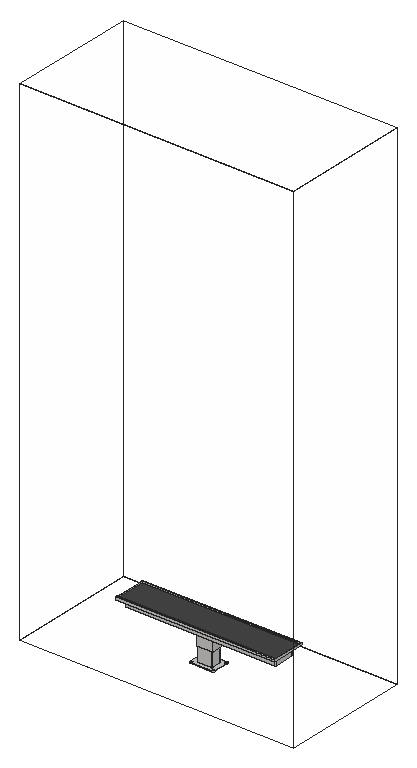
Revit family "Heater-Ceiling-Electric-Bromic-Smart Heat-Platinum A", category Electrical Fixtures, host Face, Revit 2017
Family settings
  Host = Face
  Maintain Annotation Orientation = No
  Round Connector Dimension = Use Diameter
  Part Type = Normal
  OmniClass Number = 23.75.10.14
  OmniClass Title = Independent Electric Heating Units
  Cut with Voids When Loaded = Yes
  Shared = No
  Room Calculation Point = No
Parameters (values of type "2300W Series - Black")
  visFrontDown [instance] = not(Angle Mount)  # yes
  calcYOffset [instance] = if(Angle Mount, 0.5748", 0")  # 0"
  calcXOffset [instance] = if(Angle Mount, 1.49606", 0")  # 0"
  calcWidth = 7.17"  # constant formula
  calcSuspendedHeight [instance] = if(Front Down Mount, 8", if([Ceiling Pole_23.6"], 23.6", if([Ceiling Pole_47.2"], 47.2", if(Angle Mount, 10", 8"))))  # 8"
  calcOffsetClearance [instance] = if(Angle Mount, 1.69", calcWidth / 2)  # 3.585"
  calcLength = if(Heater Type Selector = 1, 33.07", if(Heater Type Selector = 2, 50.2", 33.07"))  # 33.07"
  calcFaceAngledWidth [instance] = if(Angle Mount, 6.5", calcWidth)  # 7.17"
  calcDepth = 2.13"  # constant formula
  Width_ANZRS = 7"  # constant formula
  WeightNet_ANZRS = if(Heater Type Selector = 1, 16.50 lbm, if(Heater Type Selector = 2, 22.00 lbm, 16.50 lbm))  # 16.50 lbm
  Wattage_ANZRS = if(Heater Type Selector = 1, 2300 VA, if(Heater Type Selector = 2, 3400 VA, 2000 VA))  # 2300 VA
  Voltage_ANZRS [instance] = 230 V
  URL = "https://www.bromic.com/heating/outdoor-heaters/"
  Side Clearance = if(Heater Type Selector = 2, 18", 10")  # 10"
  Mount Type Selector [instance] = 1
  MountingType_ANZRS [instance] = if(Front Down Mount, "Ceiling Mounted - Front Down", if([Ceiling Pole_23.6"], "Ceiling Pole - 23.6\"", if([Ceiling Pole_47.2"], "Ceiling Pole - 47.2\"", if(Angle Mount, "Ceiling Mounted - Angle Mount", "Ceiling Mounted - Front Down"))))  # "Ceiling Mounted - Front Down"
  Material_ANZRS = Metal-Steel-Stainless-Bromic
  Screen Material = Ceramic-Tinted-Bromic-Black
  Heater Type Selector = 1
  Front Down Mount [instance] = or(Mount Type Selector < 2, Mount Type Selector > 4)  # yes
  Floor Clearance = 96"  # constant formula
  Show Clearance [instance] = yes
  ProductCode_ANZRS = "BH0320003"
  PowerFactor_ANZRS = 1
  ModifiedIssue_ANZRS = 20190220.01  # constant formula
  Model = "Platinum Smart-Heat™ Electric"  # constant formula
  Manufacturer = "Bromic"  # constant formula
  Length_ANZRS = if(Heater Type Selector = 1, 33", if(Heater Type Selector = 2, 50.2", 33"))  # 33"
  Frequency_ANZRS = 50 Hz
  End Clearance = 12"  # constant formula
  Description = "The Platinum Smart-Heat™ Electric excels in efficiency, packing profound performance into a sleek package to suit high-end, style-centric settings. Designed specifically with low-clearance, semi-enclosed and aesthetically-focused spaces in mind, this heater minimizes light emission to blend seamlessly into rooflines with the aid of recess kits or stylishly mount to a number of other surfaces."  # constant formula
  Depth_ANZRS = 2"  # constant formula
  Default Elevation = 48"
  CreatedBy_ANZRS = "Design Content"  # constant formula
  CreatedByURL_ANZRS = "https://www.designcontent.com.au/"
  Ceiling Pole_23.6" [instance] = Mount Type Selector = 2  # no
  Ceiling Pole_47.2" [instance] = Mount Type Selector = 3  # no
  ApproximateHeatArea = if(Heater Type Selector = 1, 65.00 SF, if(Heater Type Selector = 2, 108.00 SF, 65.00 SF))  # 65.00 SF
  ApparentLoad_ANZRS = Wattage_ANZRS  # 2300 VA
  Angle Mount [instance] = Mount Type Selector = 4  # no
  Angle [instance] = if(Angle Mount, 30.00°, 0.00°)  # 0.00°
Types (5): name | calcLength | WeightNet_ANZRS | Wattage_ANZRS | Side Clearance | Screen Material | Heater Type Selector | ProductCode_ANZRS | Length_ANZRS | ApproximateHeatArea | ApparentLoad_ANZRS
  (no name) | 33.07" | 16.50 lbm | 2300 VA | 10" | Ceramic-Tinted-Bromic-Black | 1 | "BH0320003" | 33" | 65.00 SF | 2300 VA
  2300W Series - Black | 33.07" | 16.50 lbm | 2300 VA | 10" | Ceramic-Tinted-Bromic-Black | 1 | "BH0320003" | 33" | 65.00 SF | 2300 VA
  2300W Series - White | 33.07" | 16.50 lbm | 2300 VA | 10" | Ceramic-Tinted-Bromic-White | 1 | "BH0320007" | 33" | 65.00 SF | 2300 VA
  3400W Series - Black | 50.2" | 22.00 lbm | 3400 VA | 18" | Ceramic-Tinted-Bromic-Black | 2 | "BH0320005" | 50.2" | 108.00 SF | 3400 VA
  3400W Series - White | 50.2" | 22.00 lbm | 3400 VA | 18" | Ceramic-Tinted-Bromic-White | 2 | "BH0320008" | 50.2" | 108.00 SF | 3400 VA
Reference planes (in)
  plane 1 "Center (Front/Back)": y = 0
  plane 2: z = 0
  plane 3 "Center (Left/Right)": x = 0
  plane 4: z = 5.79528
  plane 5: z = 104
  plane 6: z = 8
  plane 7: x = -16.535
  plane 8: x = -28.535
  plane 9: x = 16.535
  plane 10: x = 28.535
  plane 11: y = 3.585
  plane 12: y = -3.585
  plane 13: y = 13.585
  plane 14: y = -13.585
  plane 15: z = 0.07874
  plane 16: z = 3.07726
  plane 17: z = 5.87402
  plane 18: x = -17.12555
  plane 19: x = 17.12555
  plane 20: y = 0
  plane 21: z = 5.87402
  plane 22: y = 3.585
  plane 23: y = -3.585
Forms (in)
  Extrusion 1, solid, material "Metal-Steel-Stainless-Bromic" <- "Material_ANZRS", detail levels coarse+medium
    sketch origin (0, 0, 0) x (1, 0, 0) y (0, 1, 0)
      loop
        arc (-2.55906, -1.5748) -> (-2.44374, -1.85319) -> (-2.16535, -1.9685) r 0.3937
        line (-2.16535, -1.9685) -> (2.16535, -1.9685)
        arc (2.16535, -1.9685) -> (2.44374, -1.85319) -> (2.55906, -1.5748) r 0.3937
        line (2.55906, -1.5748) -> (2.55906, 1.5748)
        arc (2.55906, 1.5748) -> (2.44374, 1.85319) -> (2.16535, 1.9685) r 0.3937
        line (2.16535, 1.9685) -> (-2.16535, 1.9685)
        arc (-2.16535, 1.9685) -> (-2.44374, 1.85319) -> (-2.55906, 1.5748) r 0.3937
        line (-2.55906, 1.5748) -> (-2.55906, -1.5748)
    from 0 to 0.07874
  Extrusion 2, solid, material "Metal-Steel-Stainless-Bromic" <- "Material_ANZRS", visible <- "visFrontDown"
    sketch origin (0, 0, 0) x (1, 0, 0) y (0, 1, 0)
      loop
        line (-1.5748, 0.90551) -> (-1.5748, -0.86614)
        arc (-1.5748, -0.86614) -> (-1.54021, -0.94966) -> (-1.45669, -0.98425) r 0.11811
        line (-1.45669, -0.98425) -> (1.45669, -0.98425)
        arc (1.45669, -0.98425) -> (1.54021, -0.94966) -> (1.5748, -0.86614) r 0.11811
        line (1.5748, -0.86614) -> (1.5748, 0.90551)
        arc (1.5748, 0.90551) -> (1.55174, 0.96119) -> (1.49606, 0.98425) r 0.07874
        line (1.49606, 0.98425) -> (-1.49606, 0.98425)
        arc (-1.49606, 0.98425) -> (-1.55174, 0.96119) -> (-1.5748, 0.90551) r 0.07874
    from 0.07874 to 3.07726
  Extrusion 3, solid, material "Metal-Steel-Stainless-Bromic" <- "Material_ANZRS", visible <- "visFrontDown"
    sketch origin (0, 0, 6.29921) x (1, 0, 0) y (0, 1, 0)
      loop
        arc (-2.75591, -1.44685) -> (-2.64059, -1.72524) -> (-2.3622, -1.84055) r 0.3937
        line (-2.3622, -1.84055) -> (2.3622, -1.84055)
        arc (2.3622, -1.84055) -> (2.64059, -1.72524) -> (2.75591, -1.44685) r 0.3937
        line (2.75591, -1.44685) -> (2.75591, 1.46654)
        arc (2.75591, 1.46654) -> (2.64059, 1.74492) -> (2.3622, 1.86024) r 0.3937
        line (2.3622, 1.86024) -> (-2.3622, 1.86024)
        arc (-2.3622, 1.86024) -> (-2.64059, 1.74492) -> (-2.75591, 1.46654) r 0.3937
        line (-2.75591, 1.46654) -> (-2.75591, -1.44685)
    from -0.50394 to -0.4252
  Extrusion 4, solid, material "Metal-Steel-Stainless-Bromic" <- "Material_ANZRS", visible <- "visFrontDown"
    sketch origin (0, 0, 0) x (1, 0, 0) y (0, 1, 0)
      loop
        line (1.69291, 1.06299) -> (-1.69291, 1.06299) -> (-1.69291, -1.06299) -> (1.69291, -1.06299) -> (1.69291, 1.06299)
    from 3.07726 to 5.79528
  Extrusion 5, solid, material "Metal-Steel-Stainless-Bromic" <- "Material_ANZRS", detail levels fine
    sketch origin (0, 0, 0) x (1, 0, 0) y (0, 1, 0)
      loop
        arc (-2.55906, -1.5748) -> (-2.44374, -1.85319) -> (-2.16535, -1.9685) r 0.3937
        line (-2.16535, -1.9685) -> (2.16535, -1.9685)
        arc (2.16535, -1.9685) -> (2.44374, -1.85319) -> (2.55906, -1.5748) r 0.3937
        line (2.55906, -1.5748) -> (2.55906, 1.5748)
        arc (2.55906, 1.5748) -> (2.44374, 1.85319) -> (2.16535, 1.9685) r 0.3937
        line (2.16535, 1.9685) -> (-2.16535, 1.9685)
        arc (-2.16535, 1.9685) -> (-2.44374, 1.85319) -> (-2.55906, 1.5748) r 0.3937
        line (-2.55906, 1.5748) -> (-2.55906, -1.5748)
      loop
        circle (-2.16535, -1.5748) r 0.12795
      loop
        circle (2.16535, -1.5748) r 0.12795
      loop
        circle (2.16535, 1.5748) r 0.12795
      loop
        circle (-2.16535, 1.5748) r 0.12795
    from 0 to 0.07874
  Extrusion 6, solid, material "Metal-Steel-Stainless-Bromic" <- "Material_ANZRS", visible <- "Angle Mount"
    sketch origin (0, 0, -1.20079) x (0, 1, 0) y (0, 0, 1)
      loop
        line (1.06299, 2.50787) -> (1.06299, 4.7105) -> (0.31695, 6.00268) -> (-1.38782, 5.01842) -> (-1.06299, 4.4558) -> (-1.06299, 2.50787) -> (1.06299, 2.50787)
    from -1.69291 to 1.69291
  Extrusion 7, solid, material "Metal-Steel-Stainless-Bromic" <- "Material_ANZRS", visible <- "Angle Mount"
    sketch origin (0, 2.55118, 0) x (1, 0, 0) y (0, 1, 0)
      loop
        line (-1.5748, -1.64567) -> (-1.5748, -3.41732)
        arc (-1.5748, -3.41732) -> (-1.54021, -3.50084) -> (-1.45669, -3.53543) r 0.11811
        line (-1.45669, -3.53543) -> (1.45669, -3.53543)
        arc (1.45669, -3.53543) -> (1.54021, -3.50084) -> (1.5748, -3.41732) r 0.11811
        line (1.5748, -3.41732) -> (1.5748, -1.64567)
        arc (1.5748, -1.64567) -> (1.55174, -1.58999) -> (1.49606, -1.56693) r 0.07874
        line (1.49606, -1.56693) -> (-1.49606, -1.56693)
        arc (-1.49606, -1.56693) -> (-1.55174, -1.58999) -> (-1.5748, -1.64567) r 0.07874
    from 0.07874 to 1.30709
  Extrusion 8, solid, material "Metal-Steel-Stainless-Bromic" <- "Material_ANZRS", visible <- "Angle Mount"
    sketch origin (0, 0, 0) x (0, 1, 0) y (0, 0, 1)
      loop
        line (0.99886, 5.19559) -> (0.95949, 5.26378) -> (-2.1091, 3.49213) -> (-2.06973, 3.42394) -> (0.99886, 5.19559)
    from -2.75591 to 2.75591
Lines and regions (in)
  reference lines
    curve 1: line (0, 0, 5.87402) -> (0, 0, 5.49533)
    curve 2: line (0, 0, 5.87402) -> (0, 0.23807, 5.87402)
Dimensions and locks (in)
  "Floor Clearance": plane 6 to plane 5
  equal spacing: plane 9, plane 3 "Center (Left/Right)", plane 7
  "calcLength": plane 9 to plane 7
  "End Clearance": plane 7 to plane 8
  "End Clearance": plane 10 to plane 9
  equal spacing: plane 12, plane 1 "Center (Front/Back)", plane 11
  "calcWidth": plane 12 to plane 11
  "Side Clearance": plane 22 to plane 13
  "Side Clearance": plane 14 to plane 23
  locked: plane 2 to plane 15 at 0.07874
  plane 16 to plane 4 to plane 17 to plane 6 = 2.71801" locked, 0.07874" locked, 2.12598"
  "calcSuspendedHeight": plane 2 to plane 6
  locked: plane 18 to plane 7 at 0.59055
  locked: plane 9 to plane 19 at 0.59055
  "calcYOffset": plane 1 "Center (Front/Back)" to plane 20
  "calcXOffset": plane 17 to plane 21
  Extrusion 4 sketch curve to plane 1 "Center (Front/Back)" to Extrusion 4 sketch curve = 1.06299" locked, 1.06299" locked
  Extrusion 6 sketch curve to Extrusion 6 sketch curve to Extrusion 6 sketch curve to Extrusion 6 sketch curve to Extrusion 6 sketch curve to plane 17 = 1.94793" locked, 0.2547" locked, 0.30792" locked, 0.98425" locked, 1.07213" locked
  Extrusion 4 sketch curve to plane 3 "Center (Left/Right)" to Extrusion 4 sketch curve = 1.69291" locked, 1.69291" locked
  Extrusion 7 sketch curve to plane 1 "Center (Front/Back)" to Extrusion 7 sketch curve = 0.98425" locked, 0.98425" locked
  Extrusion 2 sketch curve to plane 1 "Center (Front/Back)" to Extrusion 2 sketch curve = 0.98425" locked, 0.98425" locked
  Extrusion 3 sketch curve to plane 1 "Center (Front/Back)" to Extrusion 3 sketch curve = 1.84055" locked, 1.86024" locked
  Extrusion 5 sketch curve to plane 1 "Center (Front/Back)" to Extrusion 5 sketch curve = 1.9685" locked, 1.9685" locked
  Extrusion 5 sketch curve to plane 3 "Center (Left/Right)" to Extrusion 5 sketch curve = 2.55906" locked, 2.55906" locked
  Extrusion 1 sketch curve to plane 1 "Center (Front/Back)" to Extrusion 1 sketch curve = 1.9685" locked, 1.9685" locked
  Extrusion 1 sketch curve to plane 3 "Center (Left/Right)" to Extrusion 1 sketch curve = 2.55906" locked, 2.55906" locked
  "calcOffsetClearance": plane 22 to plane 1 "Center (Front/Back)"
  "calcFaceAngledWidth": plane 22 to plane 23
  locked: Extrusion 8 sketch curve to Extrusion 6 at 0.7874  (x2)
  locked: Extrusion 8 sketch curve to Extrusion 8 sketch curve at 0.07874
  locked: curve 2 to curve 1 (angle 90.00°)
  locked: Extrusion 8 sketch curve to Extrusion 8 sketch curve (angle 90.00°)  (x3)
  "Angle": angle curve 1 to plane 1 "Center (Front/Back)"
  aligned and locked: plane 2 to host face
  aligned and locked: level to host face
  aligned and locked: plane 2 to nested 2
  aligned and locked: nested 2 to plane 5
  aligned and locked: nested 2 to plane 8
  aligned and locked: plane 10 to nested 2
  aligned and locked: nested 2 to plane 13
  aligned and locked: nested 2 to plane 14
  aligned and locked: Extrusion 5 to plane 15
  aligned and locked: Extrusion 1 to plane 15
  aligned and locked: Extrusion 5 to plane 2
  aligned and locked: Extrusion 1 to plane 2
  aligned and locked: Extrusion 3 to plane 4
  aligned and locked: Extrusion 3 to plane 17
  aligned and locked: plane 16 to Extrusion 4
  aligned and locked: Extrusion 2 to plane 16
  aligned and locked: Extrusion 4 to plane 16  (x2)
  aligned and locked: plane 4 to Extrusion 4
  aligned and locked: Extrusion 4 to plane 4
  aligned and locked: Extrusion 4 to Extrusion 6
  aligned and locked: Extrusion 6 to Extrusion 4
  aligned and locked: plane 20 to curve 1
  aligned and locked: nested 1 to curve 1
  aligned and locked: Extrusion 4 to Extrusion 6 sketch curve
  aligned and locked: Extrusion 6 sketch curve to Extrusion 4
  aligned and locked: nested 1 to plane 3 "Center (Left/Right)"
  aligned and locked: plane 15 to Extrusion 7
  aligned and locked: Extrusion 7 to Extrusion 6
  aligned and locked: Extrusion 7 sketch curve to Extrusion 2
  aligned and locked: Extrusion 2 to Extrusion 7 sketch curve
  aligned and locked: plane 21 to curve 2
  aligned and locked: Extrusion 8 sketch curve to Extrusion 6
  aligned and locked: Extrusion 3 to Extrusion 8
  aligned and locked: Extrusion 8 to Extrusion 3
Automatic sketch dimensions
  host sketch curve to host sketch curve = 96"  (x2)
  Extrusion 1 sketch curve to Extrusion 1 sketch curve = 0.3937"  (x3)
  Extrusion 1 sketch curve to plane 1 "Center (Front/Back)" = 1.5748"
  Extrusion 2 sketch curve to plane 3 "Center (Left/Right)" = 1.5748"
  Extrusion 2 sketch curve to Extrusion 2 sketch curve = 0.07874"  (x2)
  Extrusion 2 sketch curve to Extrusion 2 sketch curve = 0.11811"
  plane 3 "Center (Left/Right)" to Extrusion 2 sketch curve = 1.45669"
  plane 3 "Center (Left/Right)" to Extrusion 2 sketch curve = 1.49606"
  Extrusion 3 sketch curve to plane 3 "Center (Left/Right)" = 2.75591"
  Extrusion 3 sketch curve to Extrusion 3 sketch curve = 0.3937"  (x3)
  plane 3 "Center (Left/Right)" to Extrusion 3 sketch curve = 2.3622"
  Extrusion 3 sketch curve to plane 1 "Center (Front/Back)" = 1.46654"
  plane 3 "Center (Left/Right)" to Extrusion 5 sketch curve = 2.16535"
  Extrusion 7 sketch curve to Extrusion 7 sketch curve = 0.07874"  (x2)
  Extrusion 7 sketch curve to Extrusion 7 sketch curve = 0.11811"  (x2)
  Extrusion 5 sketch curve to Extrusion 5 sketch curve = 0"  (x8)
  Extrusion 5 sketch curve to Extrusion 5 sketch curve = 0.3937"  (x3)
  radius of Extrusion 5 sketch curve = 0.12795"  (x4)
Nested families (in)
  nested 1: "X-Heater-Electric-Bromic-Smart Heat-Platinum" at (0, 0, 5.87402) x (-1, 0, 0) z (0, 0, 1), type "X-Heater-Electric-Bromic-Smart Heat-Platinum"
    with Width_ANZRS 7.17", Length_ANZRS 33.07", Depth_ANZRS 2.13"
  nested 2: "Clearance Zone" at (0, 0, 0), visible <- "Show Clearance", type "Standard"
    with Width 57.07", Height 104", Equipment Finish Clearance Zone, Depth 27.17"
Connectors (in)
  electrical at (0, 0, 5.87402), driven by "Voltage_ANZRS", driven by "ApparentLoad_ANZRS", driven by "PowerFactor_ANZRS"
    settings: on nested 1, index 1, voltage 230 V, apparent load 2300 VA, apparent load phase1 0 VA, apparent load phase2 0 VA, apparent load phase3 0 VA, power factor 1, load classification "Power", number of poles 1, system type 30, power factor state 1, is connector primary yes, connector utility no, sub classification motor no, connector description ""
Definition of nested family "X-Heater-Electric-Bromic-Smart Heat-Platinum"
  Parameters (values of type "X-Heater-Electric-Bromic-Smart Heat-Platinum")
    Width_ANZRS = 7.16535"
    Screen Material = none
    Material_ANZRS = none
    Length_ANZRS = 33.07087"
    Depth_ANZRS = 2.12598"
    Default Elevation = 48"
  Reference planes (in)
    plane 1 "Center (Front/Back)": y = 0
    plane 2: z = 0
    plane 3 "Center (Left/Right)": x = 0
    plane 4: x = -16.53543
    plane 5: x = 16.53543
    plane 6: y = 3.58268
    plane 7: y = -3.58268
    plane 8: z = 2.12598
    plane 9: z = 1.69291
    plane 10: z = 1.9685
  Forms (in)
    Extrusion 1, solid
      sketch origin (0, 0, 0) x (1, 0, 0) y (0, 1, 0)
        loop
          line (-48, 48) -> (-48, -48) -> (48, -48) -> (48, 48) -> (-48, 48)
      from 0 to -12
    Extrusion 2, solid, material <- "Material_ANZRS"
      sketch origin (0, 0, 0) x (1, 0, 0) y (0, 1, 0)
        loop
          arc (-15.55118, 2.16535) -> (-15.69038, 2.1077) -> (-15.74803, 1.9685) r 0.19685
          line (-15.74803, 1.9685) -> (-15.74803, -1.9685)
          arc (-15.74803, -1.9685) -> (-15.69038, -2.1077) -> (-15.55118, -2.16535) r 0.19685
          line (-15.55118, -2.16535) -> (15.55118, -2.16535)
          arc (15.55118, -2.16535) -> (15.69038, -2.1077) -> (15.74803, -1.9685) r 0.19685
          line (15.74803, -1.9685) -> (15.74803, 1.9685)
          arc (15.74803, 1.9685) -> (15.69038, 2.1077) -> (15.55118, 2.16535) r 0.19685
          line (15.55118, 2.16535) -> (-15.55118, 2.16535)
      from 0 to 1.69291
    Extrusion 3, solid, material <- "Material_ANZRS"
      sketch origin (0, 0, 0) x (0, 1, 0) y (0, 0, 1)
        loop
          line (3.58268, 2.12598) -> (3.17913, 2.12598) -> (3.17913, 1.75197) -> (-3.17913, 1.75197) -> (-3.17913, 2.12598) -> (-3.58268, 2.12598) -> (-3.58268, 1.69291) -> (3.58268, 1.69291) -> (3.58268, 2.12598)
      from -16.53543 to 16.53543
    Extrusion 4, solid, material <- "Screen Material"
      sketch origin (0, 0, 0) x (1, 0, 0) y (0, 1, 0)
        loop
          line (-16.41732, 3.17913) -> (-16.41732, -3.17913) -> (16.41732, -3.17913) -> (16.41732, 3.17913) -> (-16.41732, 3.17913)
      from 1.75197 to 1.9685
    Extrusion 5, solid, material <- "Material_ANZRS"
      sketch origin (0, 0, 0) x (1, 0, 0) y (0, 0, 1)
        loop
          line (-16.53543, 2.04724) -> (-16.53543, 1.75197) -> (-16.49606, 1.75197) -> (-16.49606, 2.04724) -> (-16.53543, 2.04724)
        loop
          line (16.53543, 2.04724) -> (16.49606, 2.04724) -> (16.49606, 1.75197) -> (16.53543, 1.75197) -> (16.53543, 2.04724)
      from -3.17913 to 3.17913
  Cuts and joins
    joined: Extrusion 3, Extrusion 5
  Dimensions and locks (in)
    equal spacing: plane 4, plane 3 "Center (Left/Right)", plane 5
    "Length_ANZRS": plane 4 to plane 5
    equal spacing: plane 7, plane 1 "Center (Front/Back)", plane 6
    "Width_ANZRS": plane 7 to plane 6
    "Depth_ANZRS": plane 8 to plane 2
    locked: plane 7 to Extrusion 2 sketch curve at 1.41732
    locked: plane 4 to Extrusion 2 sketch curve at 0.7874
    locked: Extrusion 2 sketch curve to plane 6 at 1.41732
    locked: Extrusion 2 sketch curve to plane 5 at 0.7874
    locked: plane 8 to plane 9 at 0.43307
    locked: Extrusion 3 sketch curve to plane 7 at 0.40354
    locked: plane 6 to Extrusion 3 sketch curve at 0.40354
    locked: Extrusion 3 sketch curve to plane 9 at 0.05906
    locked: plane 4 to Extrusion 4 sketch curve at 0.11811
    locked: Extrusion 4 sketch curve to plane 5 at 0.11811
    locked: plane 8 to plane 10 at 0.15748
    locked: Extrusion 5 sketch curve to plane 10 at 0.07874  (x2)
    locked: Extrusion 5 sketch curve to plane 4 at 0.03937
    locked: plane 5 to Extrusion 5 sketch curve at 0.03937
    aligned and locked: plane 2 to Extrusion 1
    aligned and locked: level to Extrusion 1
    aligned and locked: Extrusion 2 to plane 2
    aligned and locked: plane 9 to Extrusion 2
    aligned and locked: plane 7 to Extrusion 3 sketch curve
    aligned and locked: plane 9 to Extrusion 3 sketch curve
    aligned and locked: plane 8 to Extrusion 3 sketch curve
    aligned and locked: Extrusion 3 sketch curve to plane 8
    aligned and locked: plane 6 to Extrusion 3 sketch curve
    aligned and locked: plane 5 to Extrusion 3
    aligned and locked: Extrusion 3 to plane 4
    aligned and locked: Extrusion 3 to Extrusion 4 sketch curve  (x2)
    aligned and locked: Extrusion 4 to Extrusion 3
    aligned and locked: Extrusion 4 to plane 10
    aligned and locked: Extrusion 3 to Extrusion 5 sketch curve
    aligned and locked: plane 4 to Extrusion 5 sketch curve
    aligned and locked: plane 5 to Extrusion 5 sketch curve
    aligned and locked: Extrusion 5 sketch curve to Extrusion 3
    aligned and locked: Extrusion 5 to Extrusion 3  (x2)
  Automatic sketch dimensions
    Extrusion 1 sketch curve to Extrusion 1 sketch curve = 96"  (x2)
    Extrusion 2 sketch curve to Extrusion 2 sketch curve = 0.19685"  (x4)
Definition of nested family "Clearance Zone"
  Parameters (values of type "Standard")
    Width [instance] = 31.49606"
    URL = ""
    Manufacturer = ""
    Height [instance] = 22.83465"
    Equipment Finish [instance] = none
    Depth [instance] = 55.11811"
    Clearance Offset Top = 0"
    Clearance Offset Right = 0"
    Clearance Offset Left = 0"
    Clearance Offset Front = 0"
    Clearance Offset Bottom = 0"
    Clearance Offset Back = 0"
    Assembly Code = ""
  Reference planes (in)
    plane 1 "Center (Front/Back)": y = 0
    plane 2 "Bottom": z = 0
    plane 3 "Center (Left/Right)": x = 0
    plane 4 "Left": x = -15.74803
    plane 5 "Back": y = 27.55906
    plane 6 "Right": x = 15.74803
    plane 7 "Front": y = -27.55906
    plane 8 "Top": z = 22.83465
    plane 9 "Clearance Offset Right": x = 15.74803
    plane 10 "Clearance Offset Left": x = -15.74803
    plane 11 "Clearance Offset Back": y = 27.55906
    plane 12 "Clearance Offset Front": y = -27.55906
    plane 13 "Clearance Offset Top": z = 22.83465
    plane 14: z = 0
  Forms (in)
    Extrusion 1, solid, material <- "Equipment Finish"
      sketch origin (0, 0, 0) x (1, 0, 0) y (0, 1, 0)
        loop
          line (-15.74803, 27.55906) -> (-15.74803, -27.55906) -> (15.74803, -27.55906) -> (15.74803, 27.55906) -> (-15.74803, 27.55906)
      from 0 to 22.83465
  Lines and regions (in)
    symbolic lines
      curve 1: line (-15.74803, 0, 22.83465) -> (15.74803, 0, 22.83465)
      curve 2: line (-15.74803, 0, 0) -> (-15.74803, 0, 22.83465)
      curve 3: line (15.74803, 0, 0) -> (-15.74803, 0, 0)
      curve 4: line (15.74803, 0, 22.83465) -> (15.74803, 0, 0)
      curve 5: line (0, 27.55906, 22.83465) -> (0, -27.55906, 22.83465)
      curve 6: line (0, 27.55906, 0) -> (0, 27.55906, 22.83465)
      curve 7: line (0, -27.55906, 0) -> (0, 27.55906, 0)
      curve 8: line (0, -27.55906, 22.83465) -> (0, -27.55906, 0)
      curve 9: line (-15.74803, 27.55906, 0) -> (15.74803, 27.55906, 0)
      curve 10: line (-15.74803, -27.55906, 0) -> (-15.74803, 27.55906, 0)
      curve 11: line (15.74803, -27.55906, 0) -> (-15.74803, -27.55906, 0)
      curve 12: line (15.74803, 27.55906, 0) -> (15.74803, -27.55906, 0)
  Text (in)
    text "Copyright © Daikin Industries, Ltd. 2008" at (0.00043, 0.00036, 0), in view "Ref. Level"
  Dimensions and locks (in)
    equal spacing: plane 4 "Left", plane 3 "Center (Left/Right)", plane 6 "Right"
    "Width": plane 4 "Left" to plane 6 "Right"
    equal spacing: plane 5 "Back", plane 1 "Center (Front/Back)", plane 7 "Front"
    "Depth": plane 5 "Back" to plane 7 "Front"
    "Height": plane 8 "Top" to plane 2 "Bottom"
    "Clearance Offset Front": plane 12 "Clearance Offset Front" to plane 7 "Front"
    "Clearance Offset Back": plane 11 "Clearance Offset Back" to plane 5 "Back"
    "Clearance Offset Left": plane 10 "Clearance Offset Left" to plane 4 "Left"
    "Clearance Offset Right": plane 6 "Right" to plane 9 "Clearance Offset Right"
    "Clearance Offset Top": plane 13 "Clearance Offset Top" to plane 8 "Top"
    curve 3 to plane 14 = 0"
    "Clearance Offset Bottom": plane 2 "Bottom" to plane 14
    aligned and locked: plane 2 "Bottom" to level
    aligned and locked: plane 9 "Clearance Offset Right" to Extrusion 1 sketch curve
    aligned and locked: Extrusion 1 sketch curve to plane 11 "Clearance Offset Back"
    aligned and locked: plane 10 "Clearance Offset Left" to Extrusion 1 sketch curve
    aligned and locked: Extrusion 1 sketch curve to plane 12 "Clearance Offset Front"
    aligned and locked: curve 9 to Extrusion 1  (x2)
    aligned and locked: Extrusion 1 to curve 12
    aligned and locked: curve 12 to Extrusion 1
    aligned and locked: plane 13 "Clearance Offset Top" to Extrusion 1
    aligned and locked: Extrusion 1 to plane 14
    aligned and locked: Extrusion 1 to plane 10 "Clearance Offset Left"
    aligned and locked: Extrusion 1 to plane 9 "Clearance Offset Right"  (x2)
    aligned and locked: Extrusion 1 to plane 13 "Clearance Offset Top"  (x2)
    aligned and locked: plane 14 to Extrusion 1  (x2)
    aligned and locked: curve 1 to plane 13 "Clearance Offset Top"
    aligned and locked: plane 9 "Clearance Offset Right" to curve 4
    aligned and locked: plane 10 "Clearance Offset Left" to curve 2
    aligned and locked: plane 14 to curve 3
    aligned and locked: plane 10 "Clearance Offset Left" to Extrusion 1  (x2)
    aligned and locked: curve 8 to plane 12 "Clearance Offset Front"
    aligned and locked: curve 5 to plane 13 "Clearance Offset Top"
    aligned and locked: curve 6 to plane 11 "Clearance Offset Back"
    aligned and locked: plane 14 to curve 7
